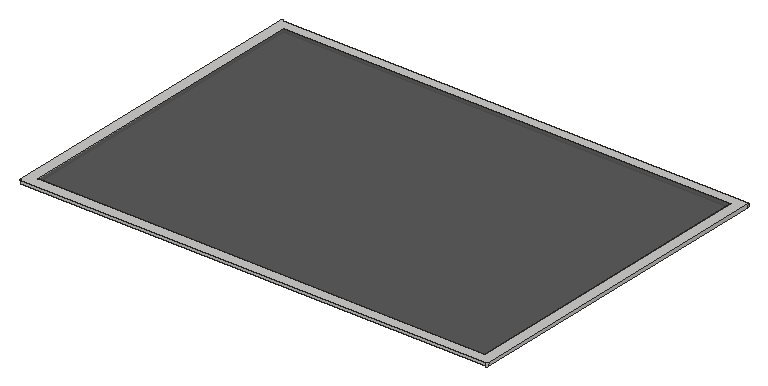
Revit family "P190780JX-142c_JIC4730HS_Black-StainlessSteelTrim_JA_Cooking_Cooktops", category Specialty Equipment, Revit 2026
Family settings
  Round Connector Dimension = Use Diameter
  Part Type = Normal
  Work Plane-Based = No
  Enable Cutting in Views = No
  Always vertical = Yes
  Cut with Voids When Loaded = No
  Maintain Annotation Orientation = No
  Shared = No
  Room Calculation Point = No
Parameters (values of type "JIC4730HS")
  Width = 30"
  Voltage = 0 V
  URL = ""
  Model = "JIC4730HS"
  Manufacturer = "Jenn Air"
  Installation-Fabrication = "http://access.whirlpool.com/mr/getMediaType.do?mediaType=Installation Instruction&sku=JIC4730HS&language=EN\r\nhttp://access.whirlpool.com/mr/getMediaType.do?mediaType=Installation Instruction&sku=JIC4730HS&language=EN"
  Height = 3/16"
  Feature 3 = "Lustre Stainless\r\nAcier inoxydable lustré"
  Feature 2 = "Razor-Fine Edge Installation\r\nInstallation de pointe"
  Feature 1 = "Magnetic Induction\r\nInduction magnétique"
  Family Name = "INDUCTION UPDRAFT COOKTOP - 30\""
  Energy Guide = ""
  Drawn By = ""
  Dimension Guide = "https://www.whirlpool.com/content/dam/global/documents/201906/dimension-guide-w11358075-reva.pdf\r\nhttps://www.whirlpool.com/content/dam/global/documents/201906/dimension-guide-w11358075-reva.pdf"
  Description = "Lustre Stainless 30\" Induction Flex Cooktop\r\nTable de cuisson à induction Flex de 30 po"
  Depth = 21"
  Default Elevation = 0"
  Copyright = ""
  Body Material = ARCAT - Glass - Black
  Cooktop Edge Material = ARCAT - Metal - Steel - Stainless
  Amps = 0 A
Reference planes (in)
  plane 1 "Center (Front/Back)": y = 0
  plane 2: z = 0
  plane 3 "Center (Left/Right)": x = 0
  plane 4: y = -21
  plane 5: z = 0.1875
  plane 6: x = -15
  plane 7: x = 15
Forms (in)
  Extrusion 1, solid, material "ARCAT - Glass - Black" <- "Body Material"
    sketch origin (0, 0, 0.0625) x (1, 0, 0) y (0, 1, 0)
      loop
        line (-14.34375, -0.65625) -> (-14.34375, -20.34375) -> (14.34375, -20.34375) -> (14.34375, -0.65625) -> (-14.34375, -0.65625)
    from -0.0625 to 0.125
  Extrusion 2, solid, material "ARCAT - Metal - Steel - Stainless" <- "Cooktop Edge Material"
    sketch origin (0, 0, 0.0625) x (1, 0, 0) y (0, 1, 0)
      loop
        arc (-14.875, 0) -> (-14.96339, -0.03661) -> (-15, -0.125) r 0.125
        line (-15, -0.125) -> (-15, -20.875)
        arc (-15, -20.875) -> (-14.96339, -20.96339) -> (-14.875, -21) r 0.125
        line (-14.875, -21) -> (14.875, -21)
        arc (14.875, -21) -> (14.96339, -20.96339) -> (15, -20.875) r 0.125
        line (15, -20.875) -> (15, -0.125)
        arc (15, -0.125) -> (14.96339, -0.03661) -> (14.875, 0) r 0.125
        line (14.875, 0) -> (-14.875, 0)
      loop
        line (-14.34375, -0.65625) -> (-14.34375, -20.34375) -> (14.34375, -20.34375) -> (14.34375, -0.65625) -> (-14.34375, -0.65625)
    from -0.0625 to 0.125
Lines and regions (in)
  model lines, style "Cooktop_1"
    curve 1: line (-11.52763, -1.7115, 0.1875) -> (-11.52763, -17.35212, 0.1875)
    curve 2: line (-1.34013, -17.35212, 0.1875) -> (-1.34013, -1.7115, 0.1875)
    curve 3: line (-11.52763, -1.7115, 0.1875) -> (-1.34013, -1.7115, 0.1875)
    curve 4: line (-11.52763, -17.35212, 0.1875) -> (-1.34013, -17.35212, 0.1875)
    curve 9: line (-10.43388, -9.53181, 0.1875) -> (-2.43388, -9.53181, 0.1875)
    curve 22: line (11.52763, -1.7115, 0.1875) -> (11.52763, -17.35212, 0.1875)
    curve 23: line (1.34013, -17.35212, 0.1875) -> (1.34013, -1.7115, 0.1875)
    curve 24: line (11.52763, -1.7115, 0.1875) -> (1.34013, -1.7115, 0.1875)
    curve 25: line (11.52763, -17.35212, 0.1875) -> (1.34013, -17.35212, 0.1875)
    curve 30: line (10.43388, -9.53181, 0.1875) -> (2.43388, -9.53181, 0.1875)
  model lines, style "Cooktop_2"
    curve 5: line (-11.33232, -1.90681, 0.1875) -> (-11.33232, -17.15681, 0.1875)
    curve 6: line (-11.33232, -1.90681, 0.1875) -> (-1.53544, -1.90681, 0.1875)
    curve 7: line (-1.53544, -17.15681, 0.1875) -> (-1.53544, -1.90681, 0.1875)
    curve 8: line (-11.33232, -17.15681, 0.1875) -> (-1.53544, -17.15681, 0.1875)
    curve 26: line (11.33232, -1.90681, 0.1875) -> (11.33232, -17.15681, 0.1875)
    curve 27: line (11.33232, -1.90681, 0.1875) -> (1.53544, -1.90681, 0.1875)
    curve 28: line (1.53544, -17.15681, 0.1875) -> (1.53544, -1.90681, 0.1875)
    curve 29: line (11.33232, -17.15681, 0.1875) -> (1.53544, -17.15681, 0.1875)
    curve 35: line (10.46995, -19.50611, 0.1875) -> (10.46995, -19.73912, 0.1875)
    curve 36: line (9.88163, -19.50611, 0.1875) -> (9.88163, -19.73912, 0.1875)
    curve 37: line (10.5012, -19.18476, 0.1875) -> (10.5012, -19.30126, 0.1875)
    curve 38: line (9.85038, -19.18476, 0.1875) -> (9.85038, -19.30126, 0.1875)
    curve 39: line (9.85038, -19.30126, 0.1875) -> (10.01133, -19.30126, 0.1875)
    curve 40: line (10.5012, -19.30126, 0.1875) -> (10.36071, -19.30126, 0.1875)
    curve 41: line (9.78896, -19.05126, 0.1875) -> (9.91287, -19.05126, 0.1875)
    curve 42: line (10.43977, -19.05126, 0.1875) -> (10.56369, -19.05126, 0.1875)
    curve 43: line (10.50182, -19.11322, 0.1875) -> (10.50164, -18.98931, 0.1875)
    curve 44: line (2.10165, -19.63111, 0.1875) -> (2.33116, -19.63111, 0.1875)
    curve 45: line (2.48008, -19.63111, 0.1875) -> (2.77677, -19.63111, 0.1875)
    curve 46: line (2.82544, -19.63111, 0.1875) -> (3.34096, -19.63111, 0.1875)
    curve 47: line (3.37232, -19.63111, 0.1875) -> (4.13345, -19.63111, 0.1875)
    curve 48: line (4.18104, -19.63111, 0.1875) -> (5.15531, -19.63111, 0.1875)
    curve 49: line (5.8829, -19.63111, 0.1875) -> (6.11241, -19.63111, 0.1875)
    curve 50: line (6.26133, -19.63111, 0.1875) -> (6.55802, -19.63111, 0.1875)
    curve 51: line (6.60669, -19.63111, 0.1875) -> (7.12221, -19.63111, 0.1875)
    curve 52: line (7.15357, -19.63111, 0.1875) -> (7.9147, -19.63111, 0.1875)
    curve 53: line (7.96229, -19.63111, 0.1875) -> (8.93656, -19.63111, 0.1875)
    curve 54: line (-10.45361, -19.63111, 0.1875) -> (-10.2241, -19.63111, 0.1875)
    curve 55: line (-10.07519, -19.63111, 0.1875) -> (-9.77849, -19.63111, 0.1875)
    curve 56: line (-9.72982, -19.63111, 0.1875) -> (-9.21431, -19.63111, 0.1875)
    curve 57: line (-9.18295, -19.63111, 0.1875) -> (-8.42182, -19.63111, 0.1875)
    curve 58: line (-8.37422, -19.63111, 0.1875) -> (-7.39995, -19.63111, 0.1875)
    curve 59: line (-6.67236, -19.63111, 0.1875) -> (-6.44285, -19.63111, 0.1875)
    curve 60: line (-6.29394, -19.63111, 0.1875) -> (-5.99724, -19.63111, 0.1875)
    curve 61: line (-5.94857, -19.63111, 0.1875) -> (-5.43306, -19.63111, 0.1875)
    curve 62: line (-5.4017, -19.63111, 0.1875) -> (-4.64057, -19.63111, 0.1875)
    curve 63: line (-4.59297, -19.63111, 0.1875) -> (-3.6187, -19.63111, 0.1875)
  symbolic lines, style "SpecialityEquipment"
    curve 10: line (-11.52763, -1.7115, 0.1875) -> (-11.52763, -17.35212, 0.1875)
    curve 11: line (-11.52763, -1.7115, 0.1875) -> (-1.34013, -1.7115, 0.1875)
    curve 12: line (-1.34013, -17.35212, 0.1875) -> (-1.34013, -1.7115, 0.1875)
    curve 13: line (-11.52763, -17.35212, 0.1875) -> (-1.34013, -17.35212, 0.1875)
    curve 14: arc (-14.875, 0, 0.0625) -> (-14.96339, -0.03661, 0.0625) -> (-15, -0.125, 0.0625) r 0.125
    curve 15: line (14.875, 0, 0.0625) -> (-14.875, 0, 0.0625)
    curve 16: line (-15, -0.125, 0.0625) -> (-15, -20.875, 0.0625)
    curve 17: arc (15, -0.125, 0.0625) -> (14.96339, -0.03661, 0.0625) -> (14.875, 0, 0.0625) r 0.125
    curve 18: line (15, -20.875, 0.0625) -> (15, -0.125, 0.0625)
    curve 19: arc (14.875, -21, 0.0625) -> (14.96339, -20.96339, 0.0625) -> (15, -20.875, 0.0625) r 0.125
    curve 20: line (-14.875, -21, 0.0625) -> (14.875, -21, 0.0625)
    curve 21: arc (-15, -20.875, 0.0625) -> (-14.96339, -20.96339, 0.0625) -> (-14.875, -21, 0.0625) r 0.125
    curve 31: line (11.52763, -1.7115, 0.1875) -> (11.52763, -17.35212, 0.1875)
    curve 32: line (11.52763, -1.7115, 0.1875) -> (1.34013, -1.7115, 0.1875)
    curve 33: line (1.34013, -17.35212, 0.1875) -> (1.34013, -1.7115, 0.1875)
    curve 34: line (11.52763, -17.35212, 0.1875) -> (1.34013, -17.35212, 0.1875)
Text (in)
  text "Lock" at (9.54764, -19.53582, 0), in view "Plan View"
  text "Power" at (10.01096, -19.53582, 0), in view "Plan View"
  text "Pause" at (10.56803, -19.53582, 0), in view "Plan View"
  text "Timer" at (10.02268, -19.2251, 0), in view "Plan View"
  text "Boost" at (4.80357, -19.75066, 0), in view "Plan View"
  text "On/\nOff" at (2.10181, -19.67142, 0), in view "Plan View"
  text "Keep\nWarm" at (2.47681, -19.64932, 0), in view "Plan View"
  text "On/\nOff" at (5.88306, -19.67142, 0), in view "Plan View"
  text "Keep\nWarm" at (6.25806, -19.64932, 0), in view "Plan View"
  text "Boost" at (8.58482, -19.75066, 0), in view "Plan View"
  text "Boost" at (-7.75169, -19.75066, 0), in view "Plan View"
  text "On/\nOff" at (-10.45345, -19.67142, 0), in view "Plan View"
  text "Keep\nWarm" at (-10.07845, -19.64932, 0), in view "Plan View"
  text "On/\nOff" at (-6.6722, -19.67142, 0), in view "Plan View"
  text "Keep\nWarm" at (-6.2972, -19.64932, 0), in view "Plan View"
  text "Boost" at (-3.97044, -19.75066, 0), in view "Plan View"
Dimensions and locks (in)
  "Depth": plane 1 "Center (Front/Back)" to plane 4
  "Height": plane 5 to plane 2
  "Width": plane 6 to plane 7
  equal spacing: plane 6, plane 3 "Center (Left/Right)", plane 7
  aligned and locked: plane 2 to level
Automatic sketch dimensions
  curve 16 to plane 6 = 0"
  plane 1 "Center (Front/Back)" to curve 15 = 0"
  curve 20 to plane 4 = 0"
  curve 18 to plane 7 = 0"
  plane 6 to curve 15 = 1/8"
  curve 16 to curve 21 = 1/8"
  curve 17 to curve 17 = 1/8"
  curve 19 to curve 18 = 1/8"
  Extrusion 2 sketch curve to plane 6 = 0"
  Extrusion 2 sketch curve to plane 4 = 0"
  plane 1 "Center (Front/Back)" to Extrusion 2 sketch curve = 0"
  Extrusion 2 sketch curve to plane 7 = 0"
  plane 6 to Extrusion 2 sketch curve = 1/8"  (x2)
  plane 6 to Extrusion 2 sketch curve = 21/32"
  Extrusion 2 sketch curve to plane 7 = 21/32"
  Extrusion 2 sketch curve to Extrusion 2 sketch curve = 1/8"
  Extrusion 2 sketch curve to plane 7 = 1/8"
  plane 4 to Extrusion 2 sketch curve = 21/32"
  plane 1 "Center (Front/Back)" to Extrusion 2 sketch curve = 21/32"
  plane 6 to Extrusion 1 sketch curve = 21/32"
  Extrusion 1 sketch curve to plane 7 = 21/32"
  plane 4 to Extrusion 1 sketch curve = 21/32"
  plane 1 "Center (Front/Back)" to Extrusion 1 sketch curve = 21/32"
  curve 1 to Extrusion 1 = 2.81612"
  curve 1 to curve 6 = 25/128"
  curve 8 to Extrusion 1 = 3.18694"
  curve 5 to curve 8 = 9 51/64"
  curve 6 to curve 3 = 25/128"  (x2)
  curve 2 to curve 25 = 2.68026"
  curve 23 to curve 29 = 25/128"
  curve 26 to Extrusion 1 = 1.25056"
  curve 26 to Extrusion 1 = 3.01143"
  curve 26 to curve 22 = 25/128"
  curve 23 to curve 7 = 25/128"
  curve 4 to curve 5 = 25/128"
  curve 22 to curve 29 = 25/128"
  curve 7 to Extrusion 1 = 1.25056"
  curve 26 to curve 24 = 25/128"
  curve 9 to Extrusion 1 = 3.90987"
  curve 9 to curve 7 = 115/128"
  curve 9 to curve 30 = 4.86776"
  curve 30 to Extrusion 1 = 3.90987"
  curve 7 to curve 9 = 7 5/8"
  curve 9 to curve 30 = 0"
  curve 31 to plane 7 = 3.47237"
  plane 3 "Center (Left/Right)" to curve 32 = 1.34013"
  curve 12 to plane 3 "Center (Left/Right)" = 1.34013"
  plane 1 "Center (Front/Back)" to curve 11 = 1.7115"
  plane 6 to curve 11 = 3.47237"
  plane 1 "Center (Front/Back)" to curve 33 = 1.7115"
  plane 4 to curve 31 = 3.64788"
  plane 4 to curve 13 = 3.64788"
  plane 4 to curve 63 = 1.36889"
  curve 12 to curve 63 = 2.27857"
  curve 63 to curve 63 = 0.97428"
  curve 63 to curve 62 = 0.04759"
  curve 62 to curve 62 = 0.76113"
  curve 62 to curve 61 = 0.03136"
  curve 61 to curve 61 = 0.51551"
  curve 61 to curve 60 = 0.04867"
  curve 60 to curve 60 = 0.2967"
  curve 60 to curve 59 = 0.14892"
  curve 59 to curve 59 = 0.22951"
  curve 59 to curve 58 = 0.72758"
  curve 58 to curve 58 = 0.97428"
  curve 58 to curve 57 = 0.04759"
  curve 57 to curve 57 = 0.76113"
  curve 57 to curve 56 = 0.03136"
  curve 56 to curve 56 = 0.51551"
  curve 56 to curve 55 = 0.04867"
  curve 55 to curve 55 = 0.2967"
  curve 55 to curve 54 = 0.14892"
  curve 54 to curve 54 = 0.22951"
  plane 4 to curve 54 = 1.36889"
  curve 54 to curve 55 = 0"
  curve 55 to curve 56 = 0"
  curve 56 to curve 57 = 0"
  curve 57 to curve 58 = 0"
  curve 58 to curve 59 = 0"
  curve 59 to curve 60 = 0"
  curve 60 to curve 61 = 0"
  curve 61 to curve 62 = 0"
